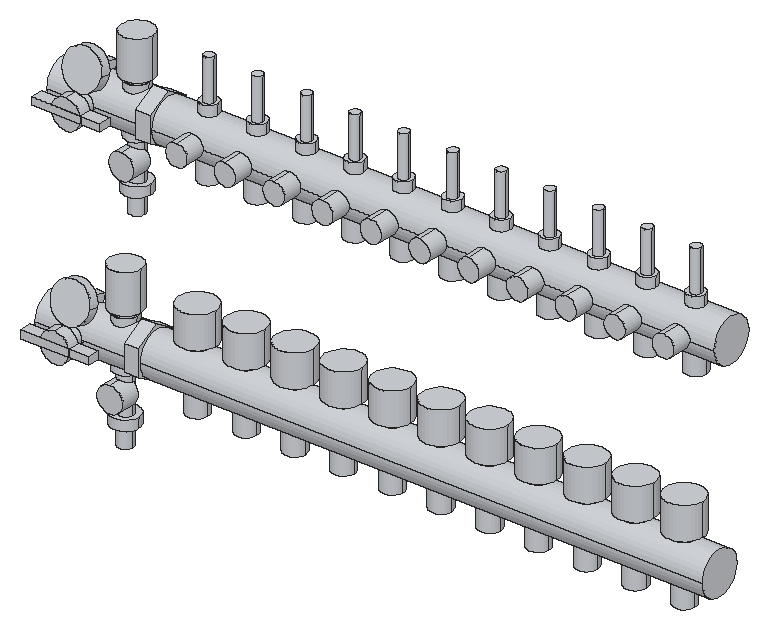
Revit family "318_f16c880827e94962872f661bd91b45", category Pipe Accessories, Revit 2017 (continued)
Connectors
  piping at (149, 0, -40), diameter 18, driven by "Flow supply 1", driven by "SBP1"
    settings: on Extrusion 133, index 2, connector inside diameter 609.6 mm, connector length 0 mm, flow factor 0, pipe flow 0.0 L/s, pressure drop 0.0 Pa, fitting loss kfactor 0, connector angle 0.00°, fixture units 0, engagement length 0 mm, angle of deflection 0.00°, flow configuration 0, flow direction 2, fitting loss method 0, system type 7, joint type 0, gender type 0, connector reference index -1, connector utility 0, adjustable connector no, is connector primary no, connector description "Branch_1_1"
  piping at (199, 0, -40), diameter 18, driven by "Flow supply 2", driven by "SBP2"
    settings: on Extrusion 134, index 3, connector inside diameter 609.6 mm, connector length 0 mm, flow factor 0, pipe flow 0.0 L/s, pressure drop 0.0 Pa, fitting loss kfactor 0, connector angle 0.00°, fixture units 0, engagement length 0 mm, angle of deflection 0.00°, flow configuration 0, flow direction 2, fitting loss method 0, system type 7, joint type 0, gender type 0, connector reference index -1, connector utility 0, adjustable connector no, is connector primary no, connector description "Branch_1_2"
  piping at (249, 0, -40), diameter 18, driven by "Flow supply 3", driven by "SBP3"
    settings: on Extrusion 130, index 4, connector inside diameter 609.6 mm, connector length 0 mm, flow factor 0, pipe flow 0.0 L/s, pressure drop 0.0 Pa, fitting loss kfactor 0, connector angle 0.00°, fixture units 0, engagement length 0 mm, angle of deflection 0.00°, flow configuration 0, flow direction 2, fitting loss method 0, system type 7, joint type 0, gender type 0, connector reference index -1, connector utility 0, adjustable connector no, is connector primary no, connector description "Branch_1_3"
  piping at (299, 0, -40), diameter 18, driven by "Flow supply 4", driven by "SBP4"
    settings: on Extrusion 129, index 5, connector inside diameter 609.6 mm, connector length 0 mm, flow factor 0, pipe flow 0.0 L/s, pressure drop 0.0 Pa, fitting loss kfactor 0, connector angle 0.00°, fixture units 0, engagement length 0 mm, angle of deflection 0.00°, flow configuration 0, flow direction 2, fitting loss method 0, system type 7, joint type 0, gender type 0, connector reference index -1, connector utility 0, adjustable connector no, is connector primary no, connector description "Branch_1_4"
  piping at (349, 0, -40), diameter 18, driven by "Flow supply 5", driven by "SBP5"
    settings: on Extrusion 128, index 6, connector inside diameter 609.6 mm, connector length 0 mm, flow factor 0, pipe flow 0.0 L/s, pressure drop 0.0 Pa, fitting loss kfactor 0, connector angle 0.00°, fixture units 0, engagement length 0 mm, angle of deflection 0.00°, flow configuration 0, flow direction 2, fitting loss method 0, system type 7, joint type 0, gender type 0, connector reference index -1, connector utility 0, adjustable connector no, is connector primary no, connector description "Branch_1_5"
  piping at (399, 0, -40), diameter 18, driven by "Flow supply 6", driven by "SBP6"
    settings: on Extrusion 127, index 7, connector inside diameter 609.6 mm, connector length 0 mm, flow factor 0, pipe flow 0.0 L/s, pressure drop 0.0 Pa, fitting loss kfactor 0, connector angle 0.00°, fixture units 0, engagement length 0 mm, angle of deflection 0.00°, flow configuration 0, flow direction 2, fitting loss method 0, system type 7, joint type 0, gender type 0, connector reference index -1, connector utility 0, adjustable connector no, is connector primary no, connector description "Branch_1_6"
  piping at (449, 0, -40), diameter 18, driven by "Flow supply 7", driven by "SBP7"
    settings: on Extrusion 126, index 8, connector inside diameter 609.6 mm, connector length 0 mm, flow factor 0, pipe flow 0.0 L/s, pressure drop 0.0 Pa, fitting loss kfactor 0, connector angle 0.00°, fixture units 0, engagement length 0 mm, angle of deflection 0.00°, flow configuration 0, flow direction 2, fitting loss method 0, system type 7, joint type 0, gender type 0, connector reference index -1, connector utility 0, adjustable connector no, is connector primary no, connector description "Branch_1_7"
  piping at (499, 0, -40), diameter 18, driven by "Flow supply 8", driven by "SBP8"
    settings: on Extrusion 122, index 9, connector inside diameter 609.6 mm, connector length 0 mm, flow factor 0, pipe flow 0.0 L/s, pressure drop 0.0 Pa, fitting loss kfactor 0, connector angle 0.00°, fixture units 0, engagement length 0 mm, angle of deflection 0.00°, flow configuration 0, flow direction 2, fitting loss method 0, system type 7, joint type 0, gender type 0, connector reference index -1, connector utility 0, adjustable connector no, is connector primary no, connector description "Branch_1_8"
  piping at (549, 0, -40), diameter 18, driven by "Flow supply 9", driven by "SBP9"
    settings: on Extrusion 123, index 10, connector inside diameter 609.6 mm, connector length 0 mm, flow factor 0, pipe flow 0.0 L/s, pressure drop 0.0 Pa, fitting loss kfactor 0, connector angle 0.00°, fixture units 0, engagement length 0 mm, angle of deflection 0.00°, flow configuration 0, flow direction 2, fitting loss method 0, system type 7, joint type 0, gender type 0, connector reference index -1, connector utility 0, adjustable connector no, is connector primary no, connector description "Branch_1_9"
  piping at (599, 0, -40), diameter 18, driven by "Flow supply 10", driven by "SBP10"
    settings: on Extrusion 124, index 11, connector inside diameter 609.6 mm, connector length 0 mm, flow factor 0, pipe flow 0.0 L/s, pressure drop 0.0 Pa, fitting loss kfactor 0, connector angle 0.00°, fixture units 0, engagement length 0 mm, angle of deflection 0.00°, flow configuration 0, flow direction 2, fitting loss method 0, system type 7, joint type 0, gender type 0, connector reference index -1, connector utility 0, adjustable connector no, is connector primary no, connector description "Branch_1_10"
  piping at (649, 0, -40), diameter 18, driven by "Flow supply 11", driven by "SBP11"
    settings: on Extrusion 125, index 12, connector inside diameter 609.6 mm, connector length 0 mm, flow factor 0, pipe flow 0.0 L/s, pressure drop 0.0 Pa, fitting loss kfactor 0, connector angle 0.00°, fixture units 0, engagement length 0 mm, angle of deflection 0.00°, flow configuration 0, flow direction 2, fitting loss method 0, system type 7, joint type 0, gender type 0, connector reference index -1, connector utility 0, adjustable connector no, is connector primary no, connector description "Branch_1_11"
  piping at (0, -15, -208), diameter 25, driven by "Flow return main", driven by "RMP"
    settings: on Extrusion 132, index 13, connector inside diameter 609.6 mm, connector length 0 mm, flow factor 0, pipe flow 0.0 L/s, pressure drop 0.0 Pa, fitting loss kfactor 0, connector angle 0.00°, fixture units 0, engagement length 0 mm, angle of deflection 0.00°, flow configuration 1, flow direction 2, fitting loss method 0, system type 8, joint type 0, gender type 0, connector reference index -1, connector utility 0, adjustable connector no, is connector primary no, connector description "Main_2_1"
  piping at (149, -15, -248), diameter 18, driven by "Flow return 1", driven by "RBP1"
    settings: on Extrusion 120, index 14, connector inside diameter 609.6 mm, connector length 0 mm, flow factor 0, pipe flow 0.0 L/s, pressure drop 0.0 Pa, fitting loss kfactor 0, connector angle 0.00°, fixture units 0, engagement length 0 mm, angle of deflection 0.00°, flow configuration 0, flow direction 1, fitting loss method 0, system type 8, joint type 0, gender type 0, connector reference index -1, connector utility 0, adjustable connector no, is connector primary no, connector description "Branch_2_1"
  piping at (199, -15, -248), diameter 18, driven by "Flow return 2", driven by "RBP2"
    settings: on Extrusion 119, index 15, connector inside diameter 609.6 mm, connector length 0 mm, flow factor 0, pipe flow 0.0 L/s, pressure drop 0.0 Pa, fitting loss kfactor 0, connector angle 0.00°, fixture units 0, engagement length 0 mm, angle of deflection 0.00°, flow configuration 0, flow direction 1, fitting loss method 0, system type 8, joint type 0, gender type 0, connector reference index -1, connector utility 0, adjustable connector no, is connector primary no, connector description "Branch_2_2"
  piping at (249, -15, -248), diameter 18, driven by "Flow return 3", driven by "RBP3"
    settings: on Extrusion 121, index 16, connector inside diameter 609.6 mm, connector length 0 mm, flow factor 0, pipe flow 0.0 L/s, pressure drop 0.0 Pa, fitting loss kfactor 0, connector angle 0.00°, fixture units 0, engagement length 0 mm, angle of deflection 0.00°, flow configuration 0, flow direction 1, fitting loss method 0, system type 8, joint type 0, gender type 0, connector reference index -1, connector utility 0, adjustable connector no, is connector primary no, connector description "Branch_2_3"
  piping at (299, -15, -248), diameter 18, driven by "Flow return 4", driven by "RBP4"
    settings: on Extrusion 118, index 17, connector inside diameter 609.6 mm, connector length 0 mm, flow factor 0, pipe flow 0.0 L/s, pressure drop 0.0 Pa, fitting loss kfactor 0, connector angle 0.00°, fixture units 0, engagement length 0 mm, angle of deflection 0.00°, flow configuration 0, flow direction 1, fitting loss method 0, system type 8, joint type 0, gender type 0, connector reference index -1, connector utility 0, adjustable connector no, is connector primary no, connector description "Branch_2_4"
  piping at (349, -15, -248), diameter 18, driven by "Flow return 5", driven by "RBP5"
    settings: on Extrusion 117, index 18, connector inside diameter 609.6 mm, connector length 0 mm, flow factor 0, pipe flow 0.0 L/s, pressure drop 0.0 Pa, fitting loss kfactor 0, connector angle 0.00°, fixture units 0, engagement length 0 mm, angle of deflection 0.00°, flow configuration 0, flow direction 1, fitting loss method 0, system type 8, joint type 0, gender type 0, connector reference index -1, connector utility 0, adjustable connector no, is connector primary no, connector description "Branch_2_5"
  piping at (399, -15, -248), diameter 18, driven by "Flow return 6", driven by "RBP6"
    settings: on Extrusion 116, index 19, connector inside diameter 609.6 mm, connector length 0 mm, flow factor 0, pipe flow 0.0 L/s, pressure drop 0.0 Pa, fitting loss kfactor 0, connector angle 0.00°, fixture units 0, engagement length 0 mm, angle of deflection 0.00°, flow configuration 0, flow direction 1, fitting loss method 0, system type 8, joint type 0, gender type 0, connector reference index -1, connector utility 0, adjustable connector no, is connector primary no, connector description "Branch_2_6"
  piping at (449, -15, -248), diameter 18, driven by "Flow return 7", driven by "RBP7"
    settings: on Extrusion 115, index 20, connector inside diameter 609.6 mm, connector length 0 mm, flow factor 0, pipe flow 0.0 L/s, pressure drop 0.0 Pa, fitting loss kfactor 0, connector angle 0.00°, fixture units 0, engagement length 0 mm, angle of deflection 0.00°, flow configuration 0, flow direction 1, fitting loss method 0, system type 8, joint type 0, gender type 0, connector reference index -1, connector utility 0, adjustable connector no, is connector primary no, connector description "Branch_2_7"
  piping at (499, -15, -248), diameter 18, driven by "Flow return 8", driven by "RBP8"
    settings: on Extrusion 113, index 21, connector inside diameter 609.6 mm, connector length 0 mm, flow factor 0, pipe flow 0.0 L/s, pressure drop 0.0 Pa, fitting loss kfactor 0, connector angle 0.00°, fixture units 0, engagement length 0 mm, angle of deflection 0.00°, flow configuration 0, flow direction 1, fitting loss method 0, system type 8, joint type 0, gender type 0, connector reference index -1, connector utility 0, adjustable connector no, is connector primary no, connector description "Branch_2_8"
  piping at (549, -15, -248), diameter 18, driven by "Flow return 9", driven by "RBP9"
    settings: on Extrusion 114, index 22, connector inside diameter 609.6 mm, connector length 0 mm, flow factor 0, pipe flow 0.0 L/s, pressure drop 0.0 Pa, fitting loss kfactor 0, connector angle 0.00°, fixture units 0, engagement length 0 mm, angle of deflection 0.00°, flow configuration 0, flow direction 1, fitting loss method 0, system type 8, joint type 0, gender type 0, connector reference index -1, connector utility 0, adjustable connector no, is connector primary no, connector description "Branch_2_9"
  piping at (599, -15, -248), diameter 18, driven by "Flow return 10", driven by "RBP10"
    settings: on Extrusion 111, index 23, connector inside diameter 609.6 mm, connector length 0 mm, flow factor 0, pipe flow 0.0 L/s, pressure drop 0.0 Pa, fitting loss kfactor 0, connector angle 0.00°, fixture units 0, engagement length 0 mm, angle of deflection 0.00°, flow configuration 0, flow direction 1, fitting loss method 0, system type 8, joint type 0, gender type 0, connector reference index -1, connector utility 0, adjustable connector no, is connector primary no, connector description "Branch_2_10"
  piping at (649, -15, -248), diameter 18, driven by "Flow return 11", driven by "RBP11"
    settings: on Extrusion 112, index 24, connector inside diameter 609.6 mm, connector length 0 mm, flow factor 0, pipe flow 0.0 L/s, pressure drop 0.0 Pa, fitting loss kfactor 0, connector angle 0.00°, fixture units 0, engagement length 0 mm, angle of deflection 0.00°, flow configuration 0, flow direction 1, fitting loss method 0, system type 8, joint type 0, gender type 0, connector reference index -1, connector utility 0, adjustable connector no, is connector primary no, connector description "Branch_2_11"
